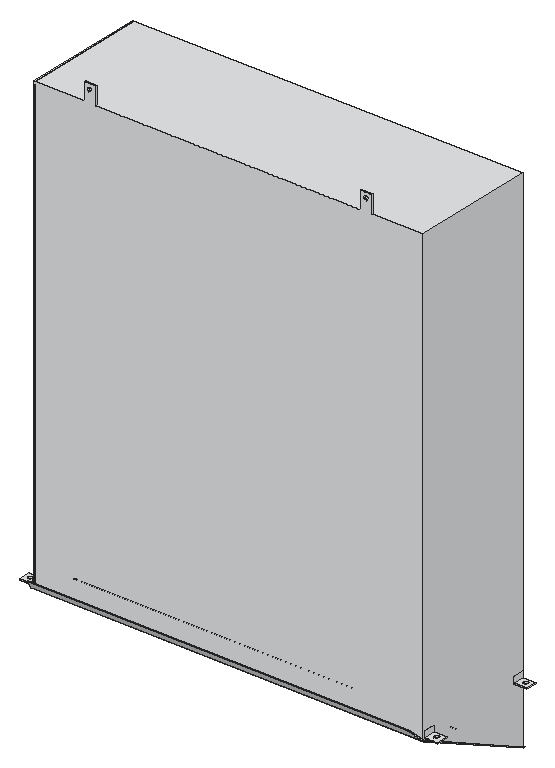
Revit family "DPDR0031_REVIT", category Generic Models, Revit 2017
Family settings
  Can host rebar = No
  Round Connector Dimension = Use Diameter
  Part Type = Normal
  Work Plane-Based = No
  Always vertical = Yes
  Cut with Voids When Loaded = No
  Shared = No
  Room Calculation Point = No
Parameters
  Website = "https://dolphy.in/"  # constant formula
  M&L = Dolphy_CHROME
  Contact number = "+91 9520202035"  # constant formula
  Contact email = "info@dolphy.in"  # constant formula
  Company name = "Dolphy India"  # constant formula
Reference planes
  plane 1 "Center (Front/Back)": y = 0
  plane 2: z = 0
  plane 3 "Center (Left/Right)": x = 0
  plane 4 "near": through (0, -0.422, 5.957) normal (0, 0.4384, 0.8988)
Forms (mm)
  Extrusion 1, solid, material "Dolphy_CHROME" <- "M&L"
    sketch origin (0, -55, 0) x (1, 0, 0) y (0, 1, 0)
      loop
        line (-172.492, -55) -> (172.59, -55) -> (172.59, 55) -> (-172.492, 55) -> (-172.492, -55)
      loop
        line (-171.492, 54.2) -> (-171.492, -54.2) -> (171.59, -54.2) -> (171.59, 54.2) -> (-171.492, 54.2)
    from 0 to 455
  Extrusion 2, solid, material "Dolphy_CHROME" <- "M&L"
    sketch origin (0, -55, 455) x (1, 0, 0) y (0, 1, 0)
      loop
        line (-171.492, -54.2) -> (171.59, -54.2) -> (171.59, 54.2) -> (-171.492, 54.2) -> (-171.492, -54.2)
    from 0 to -0.8
  Extrusion 3, void
    sketch origin (0, -55, 0) x (0, 1, 0) y (0, 0, 1)
      loop
        line (55, 0) -> (-55, 53.651) -> (-55, 0) -> (55, 0)
    from -189.526 to 189.526
  Extrusion 4, solid, material "Dolphy_CHROME" <- "M&L"
    sketch origin (0, 0, 0) x (0, -0.898794, 0.438371) y (-1, 0, 0)
      loop
        line (122.991, 173.64) -> (0, 173.64) -> (0, -174.208) -> (122.991, -174.208) -> (122.991, 173.64)
    from 0.631 to -0.169
  Extrusion 5, void
    sketch origin (0, -0.277, -0.567) x (0, 0.898794, -0.438371) y (-1, 0, 0)
      loop
        line (-97.991, 167.002) -> (-97.991, -166.786) -> (-25, -166.786) -> (-25, 167.002) -> (-97.991, 167.002)
    from 0 to 8.425
  Extrusion 6, solid, material "Dolphy_CHROME" <- "M&L"
    sketch origin (0, -42.047, 26.259) x (0, 0.898794, -0.438371) y (-1, 0, 0)
      loop
        line (-58.094, 167.002) -> (-58.094, -166.786) -> (41.906, -166.786) -> (41.906, 167.002) -> (-58.094, 167.002)
    from 0 to 1.424
  Extrusion 7, void
    sketch origin (0, -42.047, 26.259) x (0, 0.898794, -0.438371) y (-1, 0, 0)
      loop
        line (-20.062, 116.483) -> (-20.062, 58.566)
        spline (-20.062, 58.566) -> (-20.393, 52.959) -> (-21.304, 47.265) -> (-22.671, 41.55) -> (-24.37, 35.88) -> (-26.279, 30.322) -> (-28.272, 24.942) -> (-30.227, 19.806) -> (-32.021, 14.981) -> (-33.528, 10.532) -> (-34.627, 6.526) -> (-35.192, 3.029) -> (-35.101, 0.108)
        spline (-35.101, 0.108) -> (-35.192, -2.814) -> (-34.627, -6.311) -> (-33.528, -10.316) -> (-32.021, -14.765) -> (-30.227, -19.591) -> (-28.272, -24.727) -> (-26.279, -30.107) -> (-24.37, -35.665) -> (-22.671, -41.334) -> (-21.304, -47.049) -> (-20.393, -52.743) -> (-20.062, -58.35)
        line (-20.062, -58.35) -> (-20.062, -116.267)
        arc (-20.062, -116.267) -> (-18.075, -121.543) -> (-13.102, -124.199) r 8
        line (-13.102, -124.199) -> (-13.102, -166.786) -> (-12.302, -166.786) -> (-12.302, -124.263)
        arc (-12.302, -124.263) -> (-6.968, -122.436) -> (-4.164, -117.544) r 8
        line (-4.164, -117.544) -> (-4.164, -58.749)
        spline (-4.164, -58.749) -> (-3.831, -53.104) -> (-2.914, -47.371) -> (-1.538, -41.617) -> (0.173, -35.909) -> (2.095, -30.313) -> (4.102, -24.896) -> (6.071, -19.725) -> (7.876, -14.867) -> (9.394, -10.388) -> (10.5, -6.354) -> (11.069, -2.834) -> (10.977, 0.108)
        spline (10.977, 0.108) -> (11.069, 3.049) -> (10.5, 6.57) -> (9.394, 10.603) -> (7.876, 15.082) -> (6.071, 19.941) -> (4.102, 25.112) -> (2.095, 30.528) -> (0.173, 36.124) -> (-1.538, 41.832) -> (-2.914, 47.586) -> (-3.831, 53.319) -> (-4.164, 58.965)
        line (-4.164, 58.965) -> (-4.164, 117.76)
        arc (-4.164, 117.76) -> (-6.968, 122.651) -> (-12.302, 124.479) r 8
        line (-12.302, 124.479) -> (-12.302, 167.002) -> (-13.102, 167.002) -> (-13.102, 124.415)
        arc (-13.102, 124.415) -> (-18.075, 121.759) -> (-20.062, 116.483) r 8
    from 0 to 29.194
  Sweep 8, solid, material "Dolphy_CHROME" <- "M&L"
    path in 3D
      loop
        line (174.208, -110.82, 53.349) -> (-173.64, -110.82, 53.349)
    profile origin (0.284, -110.82, 53.349) x (0, 0.898794, -0.438371) y (0, -0.438371, -0.898794)
      loop
        line (0, 0) -> (-15, -5.165) -> (-15, -5.961) -> (0, -0.796) -> (0, 0)
  Extrusion 9, solid, material "Dolphy_CHROME" <- "M&L"
    sketch origin (0, -55, 0) x (0, 1, 0) y (0, 0, 1)
      loop
        line (50.412, 23.788) -> (-44.212, 69.939)
        arc (-44.212, 69.939) -> (-2.108, 36.184) -> (50.412, 23.788) r 122.546
    from -157.539 to 166.786
  Extrusion 10, solid, material "Dolphy_CHROME" <- "M&L"
    sketch origin (-189.526, -110, 0) x (1, 0, 0) y (0, 0, 1)
      loop
        line (62.401, 470.6) -> (62.401, 455) -> (72.401, 455) -> (72.401, 470.6) -> (62.401, 470.6)
      loop
        line (307.087, 470.6) -> (307.087, 455) -> (317.087, 455) -> (317.087, 470.6) -> (307.087, 470.6)
      loop
        circle (67.213, 465.974) r 1.973
      loop
        circle (311.883, 466.135) r 1.967
    from 0 to -0.8
  Extrusion 11, solid, material "Dolphy_CHROME" <- "M&L"
    sketch origin (172.59, -110, 0) x (0, 1, 0) y (0, 0, 1)
      loop
        line (0.724, 55.658) -> (10.724, 55.658) -> (10.724, 60.658) -> (0.724, 60.658) -> (0.724, 55.658)
      loop
        line (109.004, 55.658) -> (109.004, 60.658) -> (99.004, 60.658) -> (99.004, 55.658) -> (109.004, 55.658)
    from 0 to 0.8
  Extrusion 12, solid, material "Dolphy_CHROME" <- "M&L"
    sketch origin (172.59, -110, 0) x (0, 1, 0) y (0, 0, 1)
      loop
        line (0.724, 55.658) -> (0.724, 54.755) -> (10.724, 54.755) -> (10.724, 55.658) -> (0.724, 55.658)
      loop
        line (99.004, 55.658) -> (99.004, 54.838) -> (109.004, 54.838) -> (109.004, 55.658) -> (99.004, 55.658)
    from 0 to 12.5
  Extrusion 13, void
    sketch origin (172.59, -10.996, 55.658) x (-1, 0, 0) y (0, 1, 0)
      loop
        circle (-7.736, 4.935) r 2
      loop
        circle (-7.38, -93.016) r 2
    from 0 to 250
  Extrusion 14, solid, material "Dolphy_CHROME" <- "M&L"
    sketch origin (-172.492, 0, 0) x (0, -1, 0) y (0, 0, 1)
      loop
        line (109.276, 55.658) -> (109.276, 60.658) -> (99.276, 60.658) -> (99.276, 55.658) -> (109.276, 55.658)
      loop
        line (0.996, 55.658) -> (10.996, 55.658) -> (10.996, 60.658) -> (0.996, 60.658) -> (0.996, 55.658)
    from 0 to 0.8
  Extrusion 15, solid, material "Dolphy_CHROME" <- "M&L"
    sketch origin (-172.492, 0, 0) x (0, -1, 0) y (0, 0, 1)
      loop
        line (109.276, 55.658) -> (99.276, 55.658) -> (99.276, 54.755) -> (109.276, 54.755) -> (109.276, 55.658)
      loop
        line (10.996, 55.658) -> (0.996, 55.658) -> (0.996, 54.838) -> (10.996, 54.838) -> (10.996, 55.658)
    from 0 to 12.5
  Extrusion 16, void
    sketch origin (-172.492, -10.996, 55.658) x (-1, 0, 0) y (0, 1, 0)
      loop
        circle (7.736, 4.935) r 2
      loop
        circle (7.38, -93.016) r 2
    from 0 to 250
  Extrusion 17, void
    sketch origin (174.208, -110.471, 54.064) x (1, 0, 0) y (0, -0.707107, 0.707107)
      loop
        line (-347.848, 0.001) -> (-342.074, 15.864) -> (-347.848, 15.864) -> (-347.848, 0.001)
      loop
        line (0, 0.001) -> (0, 15.864) -> (-5.774, 15.864) -> (0, 0.001)
    from 0 to 250
Cuts and joins
  Extrusion 5 cuts Extrusion 4
  Extrusion 7 cuts Extrusion 6
  Extrusion 3, Extrusion 5, Extrusion 7, Extrusion 17 cuts Extrusion 1
  Extrusion 17 cuts Extrusion 2
  Extrusion 17 cuts Sweep 8
  Extrusion 17 cuts Extrusion 10
  Extrusion 17 cuts Extrusion 11
  Extrusion 13, Extrusion 16, Extrusion 17 cuts Extrusion 12
  Extrusion 17 cuts Extrusion 14
  Extrusion 16, Extrusion 17 cuts Extrusion 15
  joined: Extrusion 1, Extrusion 2, Sweep 8, Extrusion 10, Extrusion 11, Extrusion 12, Extrusion 14, Extrusion 15
Lines and regions (mm)
  sketch lines
    curve 1: line (174.208, -110.82, 53.349) -> (-173.64, -110.82, 53.349)
Dimensions and locks
  Extrusion 1 sketch curve to plane 1 "Center (Front/Back)" to Extrusion 1 sketch curve = 0 mm, 110 mm
  Extrusion 1 sketch curve to Extrusion 1 sketch curve = 110 mm
  Extrusion 4 to Extrusion 5 sketch curve = 25 mm
  Extrusion 4 to Extrusion 5 sketch curve = 6.639 mm
  Extrusion 5 sketch curve to Extrusion 4 = 7.422 mm
  Extrusion 5 sketch curve to Extrusion 4 = 25 mm
  Extrusion 10 sketch curve to Extrusion 10 sketch curve = 10 mm  (x2)
  Extrusion 11 sketch curve to Extrusion 11 sketch curve = 5 mm
  Extrusion 14 sketch curve to Extrusion 14 sketch curve = 5 mm
  Extrusion 1 sketch curve to Extrusion 1 sketch curve = 345.082 mm
  cut or joined group 1 (Extrusion 1, Extrusion 2, Extrusion 3, Extrusion 5, Extrusion 7, Sweep 8, Extrusion 10, Extrusion 11, Extrusion 12, Extrusion 13, Extrusion 14, Extrusion 15, Extrusion 16, Extrusion 17) to cut or joined group 1 = 345.082 mm
  cut or joined group 1 to level = 455 mm
  cut or joined group 1 to cut or joined group 1 = 110 mm
  aligned and locked: level to plane 2
